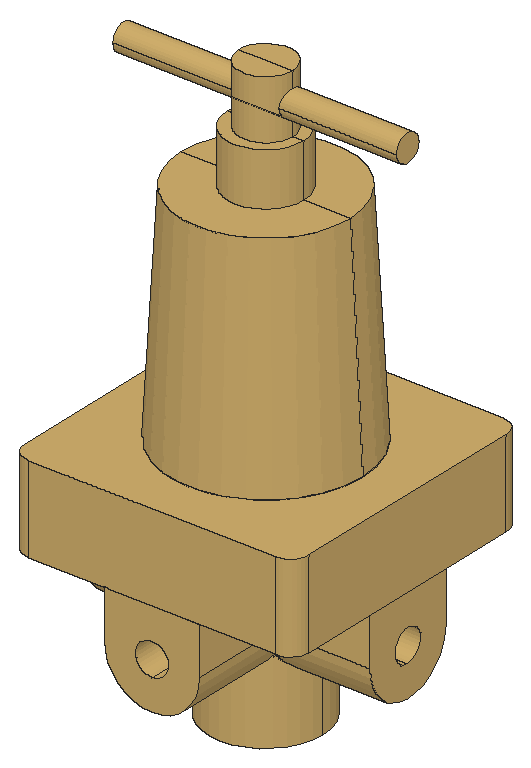
Revit family "Pressure_Regulators-Small-WATTS-LF263A_Series", category Pipe Accessories, Revit 2014
Parameters (values of type "LF263A-0.25"")
  Width = 2 1/8"
  Warranty Information = "1 Year (Limited)"
  URL = "http://www.watts.com"
  Region = "North America"  # constant formula
  Product Page URL = "http://www.watts.com/pages/_products_details.asp?pid=6814"
  Product Documentation Link = "http://media.wattswater.com/ES-LF26A_LF263A.pdf"
  Price = "Prices may vary. Please consult Manufacturer Representative for most up-to-date price list."  # constant formula
  Model = "LF263A-1/4\""
  Max. Working Pressure = "300psi (21 bar)\r"  # constant formula
  Material = "Lead Free-WATTS-Brass"  # constant formula
  Manufacturer Product Line = "Water Safety & Flow Control"  # constant formula
  Manufacturer = "WATTS"
  Length = Width  # 2 1/8"
  Height = 4 3/8"
  Description = "Lead Free Small 3-Way Pressure Regulators"
  Creation Date = "3/6/2014"  # constant formula
  Country = "United States"  # constant formula
  Connection Type = "Threaded Connections"  # constant formula
  Connection Size = Connection Radius * 2  # 1/4"
  Connection Radius = 1/8"
  Assembly Code = ""
Types (4): name | Model | Connection Size | Connection Radius
  (no name) | "LF263A-1/4\"" | 1/4" | 1/8"
  LF263A-0.25" | "LF263A-1/4\"" | 1/4" | 1/8"
  LF263A-0.375" | "LF263A-3/8\"" | 3/8" | 3/16"
  LF263A-0.5" | "LF263A-1/2\"" | 1/2" | 1/4"
Reference planes (in)
  plane 1 "Center (Front/Back)": y = 0
  plane 2: z = 0
  plane 3 "Center (Left/Right)": x = 0
  plane 4: x = -1.0625
  plane 5: x = 1.0625
  plane 6: y = 1.0625
  plane 7: y = -1.0625
  plane 8: x = -0.8125
  plane 9: x = 0.8125
  plane 10: y = 0.375
  plane 11: y = -0.375
  plane 12: z = 3.54917
  plane 13: z = -0.82583
  plane 14: z = 0
Forms (in)
  Revolve 1, solid, material "Lead Free-WATTS-Brass"
    sketch origin (0, 0, -0.82583) x (1, 0, 0) y (0, 0, 1)
      loop
        line (0, 4.375) -> (-0.20077, 4.375) -> (-0.20077, 3.93434) -> (-0.28557, 3.93434) -> (-0.28557, 3.53712) -> (-0.63369, 3.53712) -> (-0.72293, 1.83426) -> (-0.72293, 1.18172) -> (-0.42727, 1.18172) -> (-0.42727, 0) -> (0, 0) -> (0, 4.375)
      axis (0, 0) -> (0, 4.375)
    angle from 0 to 360
  Extrusion 2, solid, material "Lead Free-WATTS-Brass"
    sketch origin (0, 0, -0.82583) x (0, 1, 0) y (0, 0, 1)
      loop
        arc (-0.35692, 0.82583) -> (0, 0.46891) -> (0.35692, 0.82583) r 0.35692
        line (0.35692, 0.82583) -> (0.35692, 1.18172) -> (-0.35692, 1.18172) -> (-0.35692, 0.82583)
    from -1.0625 to 1.0625
  Extrusion 3, solid, material "Lead Free-WATTS-Brass"
    sketch origin (0, 0, -0.82583) x (1, 0, 0) y (0, 1, 0)
      loop
        arc (-0.92187, 1.0625) -> (-1.02131, 1.02131) -> (-1.0625, 0.92187) r 0.14063
        line (-1.0625, 0.92187) -> (-1.0625, -0.92188)
        arc (-1.0625, -0.92188) -> (-1.02131, -1.02131) -> (-0.92187, -1.0625) r 0.14063
        line (-0.92187, -1.0625) -> (0.92188, -1.0625)
        arc (0.92188, -1.0625) -> (1.02131, -1.02131) -> (1.0625, -0.92188) r 0.14063
        line (1.0625, -0.92188) -> (1.0625, 0.92187)
        arc (1.0625, 0.92187) -> (1.02131, 1.02131) -> (0.92188, 1.0625) r 0.14063
        line (0.92188, 1.0625) -> (-0.92187, 1.0625)
    from 1.18172 to 1.83426
  Extrusion 4, solid, material "Lead Free-WATTS-Brass"
    sketch origin (0, 0, -0.82583) x (1, 0, 0) y (0, 0, 1)
      loop
        arc (-0.35692, 0.82583) -> (0, 0.46891) -> (0.35692, 0.82583) r 0.35692
        line (0.35692, 0.82583) -> (0.35692, 1.18172) -> (-0.35692, 1.18172) -> (-0.35692, 0.82583)
    from -1.0625 to 1.0625
  Revolve 5, void
    sketch origin (0, 0, -0.82583) x (1, 0, 0) y (0, 0, 1)
      loop
        line (-1.0625, 0.8239) -> (-1.0625, 0.70083) -> (1.0625, 0.70083) -> (1.0625, 0.8239) -> (-1.0625, 0.8239)
      axis (1.0625, 0.8239) -> (-1.0625, 0.8239)
    angle from 0 to 360
  Revolve 6, void
    sketch origin (0, 0, -0.82583) x (0, 1, 0) y (0, 0, 1)
      loop
        line (-1.0625, 0.8239) -> (-1.0625, 0.70083) -> (0, 0.70083) -> (0, 0.8239) -> (-1.0625, 0.8239)
      axis (0, 0.8239) -> (-1.0625, 0.8239)
    angle from 0 to 360
  Extrusion 7, solid, material "Lead Free-WATTS-Brass"
    sketch origin (0, 0, -0.82583) x (0, 1, 0) y (0, 0, 1)
      loop
        circle (0, 4.16036) r 0.1
    from -1.0625 to 1.0625
Cuts and joins
  Revolve 5 cuts Revolve 1
  Revolve 5 cuts Extrusion 2
  Revolve 5, Revolve 6 cuts Extrusion 4
Lines and regions (in)
  Masking region 1, detail levels fine
    outline origin (0, 0, 0) x (1, 0, 0) y (0, 1, 0)
      loop
        arc (-0.92187, 1.0625) -> (-1.02131, 1.02131) -> (-1.0625, 0.92187) r 0.14063
        line (-1.0625, 0.92187) -> (-1.0625, -0.92188)
        arc (-1.0625, -0.92188) -> (-1.02131, -1.02131) -> (-0.92187, -1.0625) r 0.14063
        line (-0.92187, -1.0625) -> (0.92188, -1.0625)
        arc (0.92188, -1.0625) -> (1.02131, -1.02131) -> (1.0625, -0.92188) r 0.14063
        line (1.0625, -0.92188) -> (1.0625, 0.92187)
        arc (1.0625, 0.92187) -> (1.02131, 1.02131) -> (0.92188, 1.0625) r 0.14063
        line (0.92188, 1.0625) -> (-0.92187, 1.0625)
  symbolic lines, detail levels fine
    curve 1: arc (-0.92187, 1.0625, 0) -> (-1.02131, 1.02131, 0) -> (-1.0625, 0.92187, 0) r 0.14063
    curve 2: line (-1.0625, 0.92187, 0) -> (-1.0625, -0.92188, 0)
    curve 3: arc (-1.0625, -0.92188, 0) -> (-1.02131, -1.02131, 0) -> (-0.92187, -1.0625, 0) r 0.14063
    curve 4: line (-0.92187, -1.0625, 0) -> (0.92188, -1.0625, 0)
    curve 5: arc (0.92188, -1.0625, 0) -> (1.02131, -1.02131, 0) -> (1.0625, -0.92188, 0) r 0.14063
    curve 6: line (1.0625, -0.92188, 0) -> (1.0625, 0.92187, 0)
    curve 7: arc (1.0625, 0.92187, 0) -> (1.02131, 1.02131, 0) -> (0.92188, 1.0625, 0) r 0.14063
    curve 8: line (0.92188, 1.0625, 0) -> (-0.92187, 1.0625, 0)
    curve 9: circle (0, 0, 0) r 0.20077 normal (0, 0, -1)
    curve 10: line (-1.0625, -0.09952, 0) -> (-0.17437, -0.09952, 0)
    curve 11: line (-1.0625, 0.09952, 0) -> (-0.17437, 0.09952, 0)
    curve 12: line (1.0625, -0.09952, 0) -> (0.17437, -0.09952, 0)
    curve 13: line (1.0625, 0.09952, 0) -> (0.17437, 0.09952, 0)
    curve 14: arc (-0.71605, 0.09952, 0) -> (0, 0.72293, 0) -> (0.71605, 0.09952, 0) r 0.72293
    curve 15: arc (0.71605, -0.09952, 0) -> (0, -0.72293, 0) -> (-0.71605, -0.09952, 0) r 0.72293
    curve 16: arc (-0.26767, 0.09952, 0) -> (0, 0.28557, 0) -> (0.26767, 0.09952, 0) r 0.28557
    curve 17: arc (0.26767, -0.09952, 0) -> (0, -0.28557, 0) -> (-0.26767, -0.09952, 0) r 0.28557
  model lines, style "PipeAccessory", detail levels coarse+medium
    curve 18: line (-0.8125, 0.375, 0) -> (-0.8125, -0.375, 0)
    curve 19: line (-0.8125, -0.375, 0) -> (0.8125, 0.375, 0)
    curve 20: line (0.8125, 0.375, 0) -> (0.8125, -0.375, 0)
    curve 21: line (0.8125, -0.375, 0) -> (-0.8125, 0.375, 0)
    curve 22: line (-0.8125, 0, 0) -> (-1.0625, 0, 0)
    curve 23: line (0.8125, 0, 0) -> (1.0625, 0, 0)
Dimensions and locks (in)
  "Width": plane 5 to plane 4
  locked: plane 4 to plane 8 at 0.25
  locked: plane 5 to plane 9 at 0.25
  locked: plane 1 "Center (Front/Back)" to plane 10 at 0.375
  locked: plane 11 to plane 1 "Center (Front/Back)" at 0.375
  "Height": plane 12 to plane 13
  "Connection Radius": plane 14 to Revolve 5 sketch curve
  "Connection Radius": plane 2 to Revolve 6 sketch curve
Automatic sketch dimensions
  curve 9 to curve 14 = 0"  (x2)
  curve 9 to curve 15 = 0"  (x2)
  curve 9 to curve 16 = 0"  (x2)
  curve 9 to curve 17 = 0"  (x2)
  curve 14 to curve 15 = 0"  (x2)
  curve 14 to curve 16 = 0"  (x2)
  curve 14 to curve 17 = 0"  (x2)
  curve 15 to curve 16 = 0"  (x2)
  curve 15 to curve 17 = 0"  (x2)
  curve 16 to curve 17 = 0"  (x2)
  curve 3 to plane 4 = 0"
  plane 7 to curve 4 = 0"
  curve 8 to plane 6 = 0"
  curve 18 to plane 8 = 0"
  plane 1 "Center (Front/Back)" to curve 16 = 0"
  curve 16 to plane 3 "Center (Left/Right)" = 0"
  curve 19 to plane 9 = 0"
  curve 13 to plane 5 = 0"
  plane 11 to curve 19 = 0"
  plane 11 to curve 20 = 0"
  plane 1 "Center (Front/Back)" to curve 22 = 0"
  plane 1 "Center (Front/Back)" to curve 23 = 0"
  curve 20 to plane 10 = 0"
  curve 21 to plane 10 = 0"
  curve 4 to plane 8 = 7/64"
  curve 8 to plane 8 = 7/64"
  curve 7 to plane 9 = 7/64"
  curve 5 to plane 9 = 7/64"
  plane 8 to curve 15 = 0.09645"
  plane 8 to curve 14 = 0.09645"
  curve 16 to plane 1 "Center (Front/Back)" = 0.09952"
  curve 16 to plane 3 "Center (Left/Right)" = 0.26767"
  plane 1 "Center (Front/Back)" to curve 17 = 0.09952"
  curve 17 to curve 16 = 0"
  curve 17 to curve 10 = 0.0933"
  plane 1 "Center (Front/Back)" to curve 12 = 0.09952"
  curve 13 to plane 1 "Center (Front/Back)" = 0.09952"
  Masking region 1 sketch curve to plane 4 = 0"
  Masking region 1 sketch curve to plane 6 = 0"
  plane 7 to Masking region 1 sketch curve = 0"
  Masking region 1 sketch curve to plane 5 = 0"
  Masking region 1 sketch curve to plane 8 = 7/64"  (x2)
  Masking region 1 sketch curve to plane 9 = 7/64"  (x2)
  Extrusion 2 sketch curve to level = 0"
  Extrusion 2 sketch curve to plane 1 "Center (Front/Back)" = 0"
  Extrusion 2 sketch curve to plane 11 = 0.01808"
  level to Extrusion 2 sketch curve = 0.35589"
  Extrusion 3 sketch curve to plane 4 = 0"
  plane 7 to Extrusion 3 sketch curve = 0"
  Extrusion 3 sketch curve to plane 6 = 0"
  Extrusion 3 sketch curve to plane 5 = 0"
  Extrusion 3 sketch curve to plane 8 = 7/64"  (x2)
  Extrusion 3 sketch curve to plane 9 = 7/64"  (x2)
  Extrusion 4 sketch curve to level = 0"
  Extrusion 4 sketch curve to plane 3 "Center (Left/Right)" = 0"
  Extrusion 4 sketch curve to plane 3 "Center (Left/Right)" = 0.35692"
  level to Extrusion 4 sketch curve = 0.35589"
  Revolve 5 sketch curve to plane 4 = 0"
  plane 5 to Revolve 5 sketch curve = 0"
  Revolve 5 sketch curve to level = 0.00192"  (x2)
  Revolve 5 sketch curve to plane 4 = 0.56616"
  Revolve 5 sketch curve to Revolve 5 sketch curve = 0.28759"
  Revolve 6 sketch curve to plane 7 = 0"
  Revolve 6 sketch curve to plane 1 "Center (Front/Back)" = 0"
  Revolve 6 sketch curve to level = 0.00192"  (x2)
  Revolve 6 sketch curve to Revolve 6 sketch curve = 0.65349"
  Revolve 6 sketch curve to Revolve 6 sketch curve = 0.45226"
  Revolve 1 sketch curve to plane 12 = 0"
  Revolve 1 sketch curve to plane 3 "Center (Left/Right)" = 0"  (x2)
  Revolve 1 sketch curve to plane 3 "Center (Left/Right)" = 0.20077"
  Revolve 1 sketch curve to Revolve 1 sketch curve = 0.0848"
  plane 8 to Revolve 1 sketch curve = 0.38523"
  plane 8 to Revolve 1 sketch curve = 0.17881"
  plane 8 to Revolve 1 sketch curve = 0.08957"
  Revolve 1 sketch curve to Revolve 1 sketch curve = 0.44066"
  Revolve 1 sketch curve to Revolve 1 sketch curve = 0.39722"
  level to Revolve 1 sketch curve = 1.00843"
  level to Revolve 1 sketch curve = 0.35589"
  Revolve 1 sketch curve to level = 0.82583"
  plane 12 to Revolve 1 sketch curve = 0.40403"
  Revolve 1 sketch curve to Revolve 1 sketch curve = 0.35127"
  Extrusion 7 sketch curve to plane 1 "Center (Front/Back)" = 0"
  Extrusion 7 sketch curve to plane 12 = 0.21464"
  radius of Extrusion 7 sketch curve = 0.1"
Connectors (in)
  piping at (-1.0625, 0, -0.00192), diameter 0.25, driven by "Connection Radius"
    settings: on cut or joined group of Extrusion 2, Revolve 5, index 1, connector inside diameter 24", connector length 0", flow factor 0, pipe flow 0 GPM, pressure drop 0.00 psi, fitting loss kfactor 0, connector angle 0.00°, fixture units 0, engagement length 0", angle of deflection 0.00°, flow configuration 0, flow direction 1, fitting loss method 0, system type 29, joint type 0, gender type 0, connector reference index -1, connector utility 0, adjustable connector no, is connector primary yes, connector description "Inlet Connection"
  piping at (1.0625, 0, -0.00192), diameter 0.25, driven by "Connection Radius"
    settings: on cut or joined group of Extrusion 2, Revolve 5, index 2, connector inside diameter 24", connector length 0", flow factor 0, pipe flow 0 GPM, pressure drop 0.00 psi, fitting loss kfactor 0, connector angle 0.00°, fixture units 0, engagement length 0", angle of deflection 0.00°, flow configuration 0, flow direction 2, fitting loss method 0, system type 29, joint type 0, gender type 0, connector reference index -1, connector utility 0, adjustable connector no, is connector primary no, connector description "Outlet Connection 1"
  piping at (0, -1.0625, -0.00192), diameter 0.25, driven by "Connection Radius"
    settings: on cut or joined group of Extrusion 4, Revolve 5, Revolve 6, index 3, connector inside diameter 24", connector length 0", flow factor 0, pipe flow 0 GPM, pressure drop 0.00 psi, fitting loss kfactor 0, connector angle 0.00°, fixture units 0, engagement length 0", angle of deflection 0.00°, flow configuration 0, flow direction 2, fitting loss method 0, system type 29, joint type 0, gender type 0, connector reference index -1, connector utility 0, adjustable connector no, is connector primary no, connector description "Outlet Connection 2"
